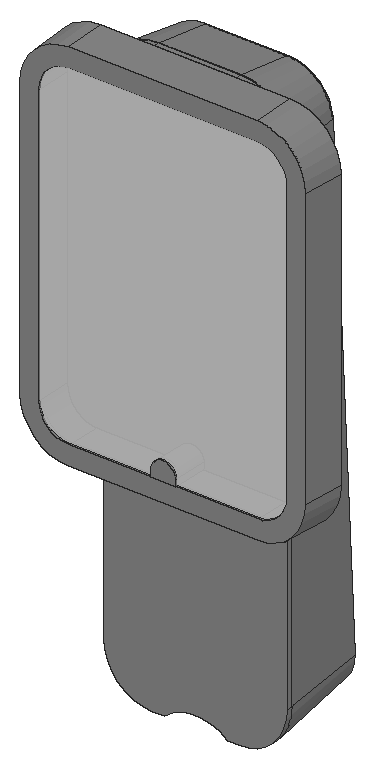
Revit family "DPL Largerfa", category Lighting Fixtures, host Face, Revit 2019
Family settings
  Host = Face
  Round Connector Dimension = Use Diameter
  Part Type = Normal
  Cut with Voids When Loaded = No
  Light Source = Yes
  Shared = No
  Room Calculation Point = No
Parameters (values of type "DPL LA07X_LA12X")
  Wattage Comments = "46"
  Wattage = 0 W
  built-in parameter 1150110 = 1 (stored number, unit not read)
  Voltage [instance] = 120 V
  URL = "http://www.holophane.co.uk/files/listing_downloads/denver_id_pole-1.pdf"
  Tilt Angle = 90.00°
  built-in parameter 1150109 = 1 (stored number, unit not read)
  built-in parameter 1150134 = 3
  built-in parameter 1150113 = 1 (stored number, unit not read)
  Specification Sheet URL = "http://www.holophane.co.uk/files/listing_downloads/denver_id_pole-1.pdf"
  Photometric Web File = "generic"
  built-in parameter 1150142 = (empty or 0)
  Lumens Per Lamp = 0 cd/m²
  Diffuser Material = DPL - Lens
  Number of Lamps = "1"
  Manufacturer = "Acuity Brands Lighting"
  built-in parameter 1150105 = (empty or 0)
  Luminaire Width = 302 mm
  Luminaire Length = 472 mm
  Luminaire Depth = 116 mm
  Lumens = 0 lm
  built-in parameter 1150115 = 1 (stored number, unit not read)
  built-in parameter 1114217 = 1 (stored number, unit not read)
  built-in parameter 1150137 = (empty or 0)
  built-in parameter 1150139 = (empty or 0)
  Housing Material = C4
  built-in parameter 1150112 = 1 (stored number, unit not read)
  built-in parameter 1150114 = 1 (stored number, unit not read)
  Lamp = "LED"
  built-in parameter 1150132 = 2
  built-in parameter 1150102 = (empty or 0)
  built-in parameter 1150107 = 3200 (stored number, unit not read)
  built-in parameter 1150138 = (empty or 0)
  built-in parameter 1150106 = (empty or 0)
  IES File URL = "[IES File URL]"
  Host Thickness = 304.8 mm  # constant formula
  built-in parameter 1150104 = 13.8 (stored number, unit not read)
  Dimming Lamp Color Temperature Shift = <None>
  Description = ""
  Default Elevation = 0 mm
  Copyright = "© Copyright 2021 Acuity Brands Lighting, Inc. All Rights Reserved."
  Connector Offset = 152.4 mm  # constant formula
  Color Filter = 16777215
  built-in parameter 1114216 [instance] = 1 (stored number, unit not read)
  Catalog Number = ""
  built-in parameter 1140040 [instance] = 1
  Brand = "Holophane UK"
  built-in parameter 1114218 = 1 (stored number, unit not read)
  built-in parameter 1150133 = 10 (stored number, unit not read)
  Assembly Code = ""
  Apparent Load = 0 VA
Reference planes
  plane 1: z = 0
  plane 2 "Connector Location": z = -152.4
  plane 3 "Left/Right": x = 447.724
  plane 4 "Front/Back": y = 0
  plane 5: x = 447.724
  plane 6: y = 0
  plane 7: through (0, 20, 0) normal (0, 0.9978, 0.0666)
  plane 8: y = -63.161
Forms (mm)
  Extrusion 1, void
    sketch origin (440.668, 0, 10) x (0, 1, 0) y (0, 0, 1)
      loop
        line (58.229, -11.89) -> (58.229, 478.664) -> (0, 474.78) -> (-10.692, 460.163) -> (20.793, -11.89) -> (58.229, -11.89)
    from -138.695 to 94.886
  Blend 2, solid, material "C4" <- "Housing Material"
    base sketch origin (1343.173, -63.161, 456.272) x (0, 0, -1) y (1, 0, 0)
      loop
        arc (31.644, -822.505) -> (3.31, -834.241) -> (-8.427, -862.575) r 40.07
        line (-8.427, -862.575) -> (-8.427, -928.323)
        arc (-8.427, -928.323) -> (3.31, -956.656) -> (31.644, -968.393) r 40.07
        line (31.644, -968.393) -> (426.644, -968.393)
        arc (426.644, -968.393) -> (454.144, -957.002) -> (465.534, -929.502) r 38.891
        line (465.534, -929.502) -> (465.534, -861.396)
        arc (465.534, -861.396) -> (454.144, -833.896) -> (426.644, -822.505) r 38.891
        line (426.644, -822.505) -> (31.644, -822.505)
    top sketch origin (1343.173, -63.161, 456.272) x (0, 0, -1) y (1, 0, 0)
      loop
        arc (31.644, -835.449) -> (12.462, -843.394) -> (4.517, -862.575) r 27.126
        line (4.517, -862.575) -> (4.517, -928.323)
        arc (4.517, -928.323) -> (12.462, -947.504) -> (31.644, -955.449) r 27.126
        line (31.644, -955.449) -> (426.644, -955.449)
        arc (426.644, -955.449) -> (443.833, -947.615) -> (449.199, -929.502) r 22.777
        line (449.199, -929.502) -> (449.199, -861.396)
        arc (449.199, -861.396) -> (443.833, -843.283) -> (426.644, -835.449) r 22.777
        line (426.644, -835.449) -> (31.644, -835.449)
    from -4.381 to -99.293
  Sweep 3, void
    path origin (440.668, -9.669, 454.823) x (0, 0.06655, -0.997783) y (-1, 0, 0)
      loop
        line (30.262, -73.028) -> (426.14, -69.43)
        arc (426.14, -69.43) -> (445.088, -60.867) -> (451.463, -41.075) r 25.648
        line (451.463, -41.075) -> (451.463, 26.963)
        arc (451.463, 26.963) -> (445.088, 46.755) -> (426.14, 55.323) r 25.648
        line (426.14, 55.323) -> (29.41, 58.923)
        arc (29.41, 58.923) -> (6.342, 49.368) -> (-3.214, 26.299) r 32.624
        line (-3.214, 26.299) -> (-3.214, -39.552)
        arc (-3.214, -39.552) -> (6.591, -63.223) -> (30.262, -73.028) r 33.476
    profile origin (447.295, -9.883, 458.03) x (0, -0.06655, 0.997783) y (0, 0.997783, 0.06655)
      loop
        line (2.117, -7.076) -> (2.117, 0.81) -> (-5.861, 0.81)
        arc (-5.861, 0.81) -> (-0.637, -1.883) -> (2.117, -7.076) r 9.831
  Extrusion 4, solid, material "C4" <- "Housing Material"
    sketch origin (1919.299, -58.78, 303.996) x (0, 0, -1) y (1, 0, 0)
      loop
        line (-120.611, -1544.518) -> (274.389, -1544.518)
        arc (274.389, -1544.518) -> (301.889, -1533.128) -> (313.28, -1505.628) r 38.891
        line (313.28, -1505.628) -> (313.28, -1437.521)
        arc (313.28, -1437.521) -> (301.889, -1410.021) -> (274.389, -1398.63) r 38.891
        line (274.389, -1398.63) -> (-120.611, -1398.63)
        arc (-120.611, -1398.63) -> (-148.945, -1410.367) -> (-160.681, -1438.701) r 40.07
        line (-160.681, -1438.701) -> (-160.681, -1504.448)
        arc (-160.681, -1504.448) -> (-148.945, -1532.782) -> (-120.611, -1544.518) r 40.07
    from 0 to 4.381
  Sweep 5, solid, material "C4" <- "Housing Material"
    path origin (0, -0.313, 0) x (1, 0, 0) y (0, 0, 1)
      loop
        line (332.724, 424.628) -> (332.724, 203.553)
        arc (332.724, 203.553) -> (344.454, 175.234) -> (372.773, 163.504) r 40.049
        line (372.773, 163.504) -> (522.676, 163.504)
        arc (522.676, 163.504) -> (550.994, 175.234) -> (562.724, 203.553) r 40.049
        line (562.724, 203.553) -> (562.724, 424.628)
        arc (562.724, 424.628) -> (550.994, 452.947) -> (522.676, 464.677) r 40.049
        line (522.676, 464.677) -> (372.773, 464.677)
        arc (372.773, 464.677) -> (344.454, 452.947) -> (332.724, 424.628) r 40.049
    profile origin (447.724, -0.313, 464.677) x (0, 0, 1) y (0, -1, 0)
      loop
        line (0, 63.161) -> (-1.692, 95.446) -> (-16.692, 95.446) -> (-16.692, 63.161) -> (0, 63.161)
  Extrusion 6, solid, material "C4" <- "Housing Material"
    sketch origin (0, -0.313, 0) x (1, 0, 0) y (0, 0, 1)
      loop
        line (437.724, 180.196) -> (457.724, 180.196) -> (457.724, 185.196)
        arc (457.724, 185.196) -> (447.724, 195.196) -> (437.724, 185.196) r 10
        line (437.724, 185.196) -> (437.724, 180.196)
    from 63.161 to 95.446
  Extrusion 7, solid, material "DPL - Lens" <- "Diffuser Material"
    sketch origin (0, 0, 0) x (1, 0, 0) y (0, 0, 1)
      loop
        line (349.416, 424.628) -> (349.416, 203.553)
        arc (349.416, 203.553) -> (356.257, 187.037) -> (372.773, 180.196) r 23.357
        line (372.773, 180.196) -> (437.724, 180.196) -> (437.724, 185.196)
        arc (437.724, 185.196) -> (447.724, 195.196) -> (457.724, 185.196) r 10
        line (457.724, 185.196) -> (457.724, 180.196) -> (522.676, 180.196)
        arc (522.676, 180.196) -> (539.191, 187.037) -> (546.032, 203.553) r 23.357
        line (546.032, 203.553) -> (546.032, 424.628)
        arc (546.032, 424.628) -> (539.191, 441.144) -> (522.676, 447.985) r 23.357
        line (522.676, 447.985) -> (372.773, 447.985)
        arc (372.773, 447.985) -> (356.257, 441.144) -> (349.416, 424.628) r 23.357
    from 94.651 to 92.498
  Extrusion 8, void
    sketch origin (0, 0, 0) x (1, 0, 0) y (0, 0, 1)
      loop
        line (422.724, -9.284) -> (422.724, -34.284) -> (472.724, -34.284) -> (472.724, -9.284)
        arc (472.724, -9.284) -> (447.724, 0.059) -> (422.724, -9.284) r 38.119
    from -58.809 to 101.979
  Extrusion 9, solid, material "C4" <- "Housing Material"
    sketch origin (0, 0, 0) x (1, 0, 0) y (0, 0, 1)
      loop
        arc (546.032, 424.628) -> (539.191, 441.144) -> (522.676, 447.985) r 23.357
        line (522.676, 447.985) -> (372.773, 447.985)
        arc (372.773, 447.985) -> (356.257, 441.144) -> (349.416, 424.628) r 23.357
        line (349.416, 424.628) -> (349.416, 203.553)
        arc (349.416, 203.553) -> (356.257, 187.037) -> (372.773, 180.196) r 23.357
        line (372.773, 180.196) -> (522.676, 180.196)
        arc (522.676, 180.196) -> (539.191, 187.037) -> (546.032, 203.553) r 23.357
        line (546.032, 203.553) -> (546.032, 424.628)
    from 67.829 to 63.473
Cuts and joins
  Extrusion 1, Sweep 3, Extrusion 8 cuts Blend 2
  Extrusion 8 cuts Extrusion 4
  joined: Sweep 5, Extrusion 9
Dimensions and locks
  "Connector Offset": level to plane 2 "Connector Location"
  aligned and locked: plane 1 to host face
Automatic sketch dimensions
  host sketch curve to host sketch curve = 2438.4 mm  (x2)
  plane 7 to Extrusion 1 sketch curve = 0.666 mm  (x2)
  Extrusion 1 sketch curve to plane 4 "Front/Back" = 0 mm
  plane 4 "Front/Back" to Extrusion 1 sketch curve = 10.692 mm
  Extrusion 1 sketch curve to level = 1.89 mm
  Extrusion 1 sketch curve to plane 4 "Front/Back" = 58.229 mm
  Extrusion 1 sketch curve to Extrusion 1 sketch curve = 14.618 mm
  Extrusion 1 sketch curve to Extrusion 1 sketch curve = 3.884 mm
  plane 3 "Left/Right" to Blend 2 sketch curve = 32.874 mm  (x2)
  level to Blend 2 sketch curve = 464.698 mm
  Blend 2 sketch curve to Blend 2 sketch curve = 40.07 mm  (x2)
  level to Blend 2 sketch curve = 29.628 mm  (x4)
  Blend 2 sketch curve to level = 9.263 mm
  Blend 2 sketch curve to plane 3 "Left/Right" = 32.874 mm  (x2)
  level to Blend 2 sketch curve = 451.754 mm
  Blend 2 sketch curve to Blend 2 sketch curve = 27.126 mm  (x2)
  level to Blend 2 sketch curve = 7.073 mm
  Blend 2 sketch curve to plane 3 "Left/Right" = 34.053 mm
  plane 3 "Left/Right" to Blend 2 sketch curve = 34.053 mm
  Extrusion 1 to Sweep 3 sketch curve = 12.16 mm
  Extrusion 1 to Sweep 3 sketch curve = 44.784 mm
  Extrusion 1 to Sweep 3 sketch curve = 21.858 mm
  Extrusion 1 to Sweep 3 sketch curve = 45.636 mm
  Sweep 3 sketch curve to Extrusion 1 = 31.769 mm  (x2)
  Sweep 3 sketch curve to Extrusion 1 = 6.264 mm
  Extrusion 1 to Sweep 3 sketch curve = 51.103 mm
  Sweep 3 sketch curve to Sweep 3 sketch curve = 2.708 mm  (x2)
  Sweep 3 sketch curve to Sweep 3 sketch curve = 65.851 mm
  Sweep 3 sketch curve to Sweep 3 sketch curve = 68.038 mm
  Extrusion 1 to Sweep 3 sketch curve = 25.456 mm
  Sweep 3 sketch curve to Sweep 3 sketch curve = 0.181 mm
  Sweep 3 sketch curve to Sweep 3 sketch curve = 0 mm  (x2)
  Sweep 3 sketch curve to Sweep 3 sketch curve = 0.005 mm  (x2)
  profile plane to Sweep 3 sketch curve = 7.548 mm
  profile plane to Sweep 3 sketch curve = 0.81 mm
  profile plane to Sweep 3 sketch curve = 5.861 mm
  Sweep 3 sketch curve to profile plane = 2.117 mm
  Sweep 3 sketch curve to profile plane = 7.076 mm
  Extrusion 4 sketch curve to Blend 2 = 0.021 mm
  Extrusion 4 sketch curve to Extrusion 4 sketch curve = 40.07 mm  (x2)
  Extrusion 4 sketch curve to Blend 2 = 38.869 mm
  Extrusion 4 sketch curve to Extrusion 4 sketch curve = 0 mm
  Extrusion 4 sketch curve to Extrusion 4 sketch curve = 38.891 mm
  Blend 2 to Extrusion 4 sketch curve = 0 mm
  Extrusion 4 sketch curve to Extrusion 4 sketch curve = 65.748 mm
  profile plane to Sweep 5 sketch curve = 0 mm
  profile plane to Sweep 5 sketch curve = 1.692 mm
  Sweep 5 sketch curve to Sweep 5 sketch curve = 16.692 mm
  profile plane to Sweep 5 sketch curve = 63.161 mm
  Sweep 5 sketch curve to Sweep 5 sketch curve = 32.285 mm
  Extrusion 6 sketch curve to plane 3 "Left/Right" = 0 mm
  Extrusion 6 sketch curve to plane 3 "Left/Right" = 10 mm
  level to Extrusion 6 sketch curve = 180.196 mm
  Extrusion 6 sketch curve to Extrusion 6 sketch curve = 5 mm
  Sweep 5 sketch curve to plane 3 "Left/Right" = 74.951 mm  (x2)
  Sweep 5 sketch curve to Sweep 5 sketch curve = 40.049 mm  (x2)
  plane 3 "Left/Right" to Sweep 5 sketch curve = 74.951 mm  (x2)
  level to Sweep 5 sketch curve = 163.504 mm
  Sweep 5 sketch curve to Sweep 5 sketch curve = 221.075 mm
  Extrusion 7 sketch curve to plane 3 "Left/Right" = 0 mm
  Extrusion 7 sketch curve to plane 3 "Left/Right" = 10 mm
  Extrusion 7 sketch curve to plane 3 "Left/Right" = 74.951 mm
  Extrusion 7 sketch curve to Extrusion 7 sketch curve = 64.951 mm  (x2)
  Extrusion 7 sketch curve to Extrusion 7 sketch curve = 23.357 mm  (x2)
  plane 3 "Left/Right" to Extrusion 7 sketch curve = 74.951 mm
  level to Extrusion 7 sketch curve = 180.196 mm
  Extrusion 7 sketch curve to Extrusion 7 sketch curve = 0 mm
  Extrusion 7 sketch curve to Extrusion 7 sketch curve = 5 mm
  Extrusion 7 sketch curve to Extrusion 7 sketch curve = 221.075 mm
  Extrusion 8 sketch curve to plane 3 "Left/Right" = 0 mm
  Extrusion 8 sketch curve to plane 3 "Left/Right" = 25 mm
  Extrusion 8 sketch curve to level = 9.284 mm
  plane 3 "Left/Right" to Extrusion 8 sketch curve = 25 mm
  Extrusion 8 sketch curve to Extrusion 8 sketch curve = 25 mm
  Extrusion 8 sketch curve to Extrusion 8 sketch curve = 3.776 mm
  Extrusion 9 sketch curve to plane 3 "Left/Right" = 98.308 mm
  Extrusion 9 sketch curve to Extrusion 9 sketch curve = 23.357 mm  (x2)
  plane 3 "Left/Right" to Extrusion 9 sketch curve = 74.951 mm  (x2)
  level to Extrusion 9 sketch curve = 180.196 mm
  Extrusion 9 sketch curve to Extrusion 9 sketch curve = 221.075 mm
  Extrusion 9 sketch curve to Extrusion 9 sketch curve = 0 mm
Connectors
  electrical at (447.725, 0, 0), driven by "Voltage", driven by "Apparent Load"
    settings: on host face, index 1, voltage 120 V, apparent load 0 VA, apparent load phase1 0 VA, apparent load phase2 0 VA, apparent load phase3 0 VA, power factor 1, load classification "Lighting", number of poles 1, system type 31, power factor state 1, is connector primary yes, connector utility no, sub classification motor no, connector description ""
